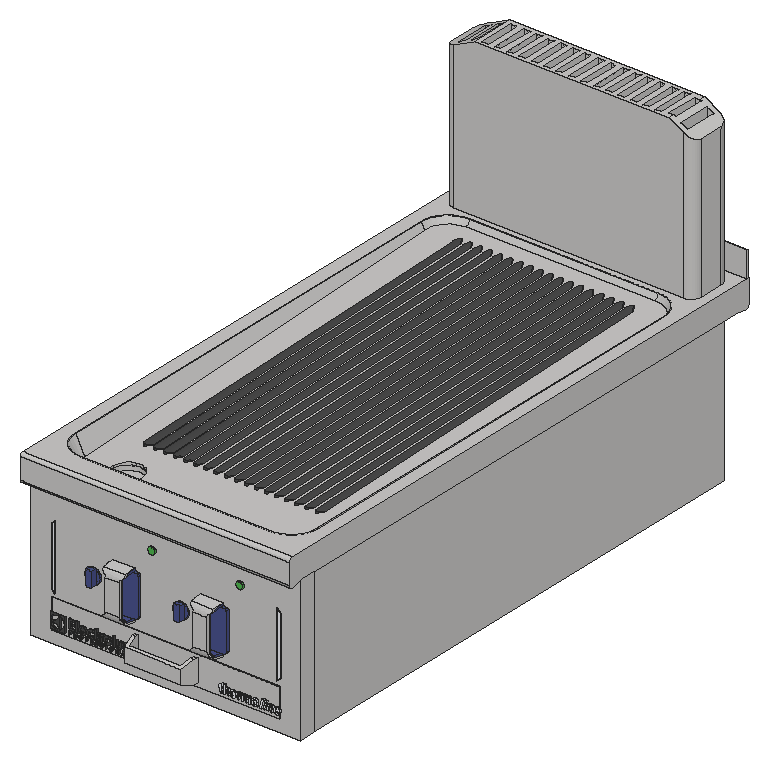
Revit family "QF_ELECTROLUXPROFESSIONAL_588536_MBHNBBDOPO", category Attrezzature speciali, Revit 2020
Family settings
  Quota connettore circolare = Usa diametro
  Tipo di parte = Normale
  Basato su piano di lavoro = No
  Sempre verticale = Sì
  Taglio con vuoti quando caricato = No
  Condiviso = No
  Punto di calcolo locali = No
Parameters (values of type "Standard")
  Weight = 69.00 kg
  Watts = 0 W
  Volts = 0 V
  URL Manufacturer = "https://www.electroluxprofessional.com/"
  URL = "https://www.electroluxprofessional.com/"
  Steam Supply Size = 0"
  Steam Supply Minimum Pressure = 0.00 psi
  Steam Supply Maximum Pressure = 0.00 psi
  Steam Consumption per Hour = 0
  Refrigeration Suction Line Size = 0 mm
  Refrigeration Liquid Line Size = 0 mm
  Refrigerant Compressor Remote = yes
  Prospetto di default = 0 mm
  Phase = 0
  Modello = "MBHNBBDOPO"
  Produttore = "Electrolux Professional"
  Length Actual = 400 mm  # constant formula
  Item Number = "588536"
  Hot Water Size = 0"
  Height Actual = 250 mm  # constant formula
  HP = "0 HP"
  Gas Size = 1/2"
  Gas KW = 10
  Gas Input Pressure = 0.336018 Btu/h
  Direct Waste Size = 0"
  Descrizione = "GAS FRYTOP,RIBBED,1-S,BSPL,400X850X250H"
  Depth Actual = 850 mm  # constant formula
  Cycle = 0 Hz
  Condensate Return Size = 0"
  Compressed Air Volume = 0 GPM
  Compressed Air Size = 0"
  Compressed Air Pressure = 0.00 psi
  Cold Water Size = 0"
  Accessory = yes
Reference planes
  plane 1 "BACK": y = 0
  plane 2: z = 0
  plane 3 "LEFT": x = 0
  plane 4 "RIGHT": x = 400
  plane 5 "FRONT": y = -850
  plane 6 "TOP": z = 900
  plane 7 "Center (Left/Right)": x = 200
  plane 8: y = -425
  plane 9: y = -150
  plane 10: y = -65
  plane 11: y = -813
  plane 12 "GASy": y = -540
  plane 13: z = 938
  plane 14 "BaseTop": z = 650
  plane 15: y = -805
  plane 16 "Camino": y = -50
  plane 17 "GASx": x = 364
  plane 18: z = 1131
  plane 19 "PlaneRibbed": through (-6096, -91.999, 891.12) normal (0, -0.0269, 0.9996)
Forms (mm)
  Extrusion 1, solid, material "QF_Finishes_Stainless Steel"
    sketch origin (-178.969, -4572, 100) x (-1, 0, 0) y (0, -1, 0)
      loop
        line (-178.969, -4527) -> (-178.969, -3767) -> (-578.969, -3767) -> (-578.969, -4527) -> (-178.969, -4527)
    from 550 to 762.969
  Extrusion 2, solid, material "QF_Finishes_Stainless Steel"
    sketch origin (200, 296.4, 1219.2) x (0, 1, 0) y (0, 0, 1)
      loop
        line (-296.4, -319.2) -> (-1141.4, -319.2)
        arc (-1141.4, -319.2) -> (-1144.935, -320.664) -> (-1146.4, -324.2) r 5
        line (-1146.4, -324.2) -> (-1146.4, -355.2)
        arc (-1146.4, -355.2) -> (-1144.971, -358.264) -> (-1141.705, -359.139) r 4
        line (-1141.705, -359.139) -> (-1126.4, -356.231) -> (-316.4, -356.231) -> (-301.094, -359.139)
        arc (-301.094, -359.139) -> (-297.829, -358.264) -> (-296.4, -355.2) r 4
        line (-296.4, -355.2) -> (-296.4, -319.2)
    from -200 to 200
  Extrusion 3, void
    sketch origin (0, 0, 900) x (-1, 0, 0) y (0, -1, 0)
      loop
        arc (-60, 92) -> (-31.716, 103.716) -> (-20, 132) r 40
        line (-20, 132) -> (-20, 773)
        arc (-20, 773) -> (-31.716, 801.284) -> (-60, 813) r 40
        line (-60, 813) -> (-340, 813)
        arc (-340, 813) -> (-368.284, 801.284) -> (-380, 773) r 40
        line (-380, 773) -> (-380, 132)
        arc (-380, 132) -> (-368.284, 103.716) -> (-340, 92) r 40
        line (-340, 92) -> (-60, 92)
    from 0 to -30
  Extrusion 4, solid, material "QF_Finishes_Stainless Steel"
    sketch origin (200, 296.4, 1219.2) x (0, 1, 0) y (0, 0, 1)
      loop
        line (-296.4, -319.2) -> (-296.4, -281.2) -> (-298.4, -281.2) -> (-298.4, -319.2) -> (-296.4, -319.2)
    from 200 to -200
  Extrusion 5, solid, material "QF_Finishes_Stainless Steel"
    sketch origin (0, 0, 650) x (-1, 0, 0) y (0, -1, 0)
      loop
        circle (-364, 540) r 10.1
    from 0 to -10
  Sweep 6, solid, material "QF_Finishes_Stainless Steel"
    path origin (0, 0, 900) x (-1, 0, 0) y (0, -1, 0)
      loop
        line (-20, 132) -> (-20, 773)
        arc (-20, 773) -> (-31.716, 801.284) -> (-60, 813) r 40
        line (-60, 813) -> (-340, 813)
        arc (-340, 813) -> (-368.284, 801.284) -> (-380, 773) r 40
        line (-380, 773) -> (-380, 132)
        arc (-380, 132) -> (-368.284, 103.716) -> (-340, 92) r 40
        line (-340, 92) -> (-60, 92)
        arc (-60, 92) -> (-31.716, 103.716) -> (-20, 132) r 40
    profile origin (20, -452.5, 900) x (1, 0, 0) y (0, 0, 1)
      loop
        line (0, 0) -> (0, -30) -> (15, -30) -> (0, 0)
  Extrusion 7, solid, material "QF_Finishes_Stainless Steel"
    sketch origin (0, -50, 900) x (1, 0, 0) y (0, 0, 1)
      loop
        line (15, 0) -> (385, 0) -> (385, 209.869) -> (348.685, 231) -> (60.315, 231) -> (15, 209.869) -> (15, 0)
    from 33 to -33
  Extrusion 8, void
    sketch origin (0, 0, 900) x (-1, 0, 0) y (0, -1, 0)
      loop
        line (-30.312, 74) -> (-40.312, 74) -> (-40.312, 26) -> (-30.312, 26) -> (-30.312, 74)
      loop
        line (-48.547, 74) -> (-58.547, 74) -> (-58.547, 26) -> (-48.547, 26) -> (-48.547, 74)
      loop
        line (-76.781, 77) -> (-76.781, 23) -> (-66.781, 23) -> (-66.781, 77) -> (-76.781, 77)
      loop
        line (-95.015, 77) -> (-95.015, 23) -> (-85.015, 23) -> (-85.015, 77) -> (-95.015, 77)
      loop
        line (-113.25, 77) -> (-113.25, 23) -> (-103.25, 23) -> (-103.25, 77) -> (-113.25, 77)
      loop
        line (-131.484, 77) -> (-131.484, 23) -> (-121.484, 23) -> (-121.484, 77) -> (-131.484, 77)
      loop
        line (-149.719, 77) -> (-149.719, 23) -> (-139.719, 23) -> (-139.719, 77) -> (-149.719, 77)
      loop
        line (-167.953, 77) -> (-167.953, 23) -> (-157.953, 23) -> (-157.953, 77) -> (-167.953, 77)
      loop
        line (-186.187, 77) -> (-186.187, 23) -> (-176.187, 23) -> (-176.187, 77) -> (-186.187, 77)
      loop
        line (-205, 77) -> (-205, 23) -> (-195, 23) -> (-195, 77) -> (-205, 77)
      loop
        arc (-15, 32) -> (-19.393, 21.393) -> (-30, 17) r 15
        line (-30, 17) -> (-15, 17) -> (-15, 32)
      loop
        arc (-30, 83) -> (-19.393, 78.607) -> (-15, 68) r 15
        line (-15, 68) -> (-15, 83) -> (-30, 83)
      loop
        line (-369.688, 74) -> (-369.688, 26) -> (-359.688, 26) -> (-359.688, 74) -> (-369.688, 74)
      loop
        line (-351.453, 74) -> (-351.453, 26) -> (-341.453, 26) -> (-341.453, 74) -> (-351.453, 74)
      loop
        line (-323.219, 77) -> (-333.219, 77) -> (-333.219, 23) -> (-323.219, 23) -> (-323.219, 77)
      loop
        line (-304.985, 77) -> (-314.985, 77) -> (-314.985, 23) -> (-304.985, 23) -> (-304.985, 77)
      loop
        line (-286.75, 77) -> (-296.75, 77) -> (-296.75, 23) -> (-286.75, 23) -> (-286.75, 77)
      loop
        line (-268.516, 77) -> (-278.516, 77) -> (-278.516, 23) -> (-268.516, 23) -> (-268.516, 77)
      loop
        line (-250.281, 77) -> (-260.281, 77) -> (-260.281, 23) -> (-250.281, 23) -> (-250.281, 77)
      loop
        line (-232.047, 77) -> (-242.047, 77) -> (-242.047, 23) -> (-232.047, 23) -> (-232.047, 77)
      loop
        line (-213.813, 77) -> (-223.813, 77) -> (-223.813, 23) -> (-213.813, 23) -> (-213.813, 77)
      loop
        line (-385, 32) -> (-385, 17) -> (-370, 17)
        arc (-370, 17) -> (-380.607, 21.393) -> (-385, 32) r 15
      loop
        line (-370, 83) -> (-385, 83) -> (-385, 68)
        arc (-385, 68) -> (-380.607, 78.607) -> (-370, 83) r 15
    from 0 to 250
  Extrusion 9, solid, material "QF_Finishes_Stainless Steel"
    sketch origin (200, 296.4, 1219.2) x (0, 1, 0) y (0, 0, 1)
      loop
        line (-388.4, -349.2) -> (-388.4, -328.08) -> (-1109.4, -347.499) -> (-1109.4, -349.2) -> (-388.4, -349.2)
    from 180 to -180
  Extrusion 10, void
    sketch origin (0, 0, 900) x (-1, 0, 0) y (0, -1, 0)
      loop
        circle (-95, 769) r 22.248
    from -19.96 to -30
  Extrusion 11, void
    sketch origin (0, 0, 900) x (-1, 0, 0) y (0, -1, 0)
      loop
        circle (-95, 769) r 22.248
    from 0 to -37.031
Cuts and joins
  Extrusion 3, Extrusion 8, Extrusion 11 cuts Extrusion 2
  Extrusion 8 cuts Extrusion 7
  Extrusion 10 cuts Extrusion 9
  joined: Sweep 6, Extrusion 9
Lines and regions (mm)
  symbolic lines
    curve 1: line (0, 0, 100) -> (400, 0, 100)
    curve 2: line (0, -850, 100) -> (0, 0, 100)
    curve 3: line (400, -850, 100) -> (0, -850, 100)
    curve 4: line (400, 0, 100) -> (400, -850, 100)
    curve 5: line (0, -2, 0) -> (400, -2, 0)
    curve 6: line (338.029, -92, 0) -> (60.29, -92, 0)
    curve 7: line (60.29, -813, 0) -> (338.029, -813, 0)
    curve 8: line (60, -107, 900) -> (340, -107, 900)
    curve 9: line (340, -798, 900) -> (60, -798, 900)
    curve 10: arc (365, -773, 900) -> (357.678, -790.678, 900) -> (340, -798, 900) r 25
    curve 11: line (365, -132, 900) -> (365, -773, 900)
    curve 12: arc (340, -107, 900) -> (357.678, -114.322, 900) -> (365, -132, 900) r 25
    curve 13: circle (95, -769, 900) r 22.248 normal (0, 0, 1)
    curve 14: arc (85.5, -112.483, 900) -> (57.314, -124.096, 900) -> (45.5, -152.198, 900) r 39.994
    curve 15: line (85.5, -112.482, 900) -> (314.5, -112.482, 900)
    curve 16: line (45.5, -677.082, 900) -> (45.5, -152.198, 900)
    curve 17: arc (45.5, -677.082, 900) -> (57.314, -705.184, 900) -> (85.5, -716.797, 900) r 39.994
    curve 18: line (313.507, -716.798, 900) -> (85.5, -716.798, 900)
    curve 19: line (35.29, -731.526, 900) -> (365, -731.526, 900)
    curve 20: line (35.29, -741.526, 900) -> (365, -741.526, 900)
    curve 21: arc (60, -92, 900) -> (31.716, -103.716, 900) -> (20, -132, 900) r 40
    curve 22: line (20, -132, 900) -> (20, -773, 900)
    curve 23: arc (20, -773, 900) -> (31.716, -801.284, 900) -> (60, -813, 900) r 40
    curve 24: arc (340, -813, 900) -> (368.284, -801.284, 900) -> (380, -773, 900) r 40
    curve 25: line (380, -773, 900) -> (380, -132, 900)
    curve 26: arc (380, -132, 900) -> (368.284, -103.716, 900) -> (340, -92, 900) r 40
    curve 27: arc (313.5, -112.483, 900) -> (341.686, -124.096, 900) -> (353.5, -152.198, 900) r 39.994
    curve 28: line (353.5, -677.082, 900) -> (353.5, -152.198, 900)
    curve 29: arc (353.5, -677.082, 900) -> (341.688, -705.181, 900) -> (313.507, -716.797, 900) r 39.994
    curve 30: arc (60, -798, 900) -> (42.322, -790.678, 900) -> (35, -773, 900) r 25
    curve 31: line (35, -773, 900) -> (35, -132, 900)
    curve 32: arc (35, -132, 900) -> (42.322, -114.322, 900) -> (60, -107, 900) r 25
    curve 33: line (370, -17, 650) -> (30.102, -17, 650)
    curve 34: line (30.312, -74.008, 650) -> (40.312, -74.008, 650)
    curve 35: line (48.547, -74.008, 650) -> (58.547, -74.008, 650)
    curve 36: line (48.547, -26.022, 650) -> (48.547, -74.008, 650)
    curve 37: line (58.547, -26.022, 650) -> (48.547, -26.022, 650)
    curve 38: line (58.547, -74.008, 650) -> (58.547, -26.022, 650)
    curve 39: line (66.781, -23, 650) -> (66.781, -77.008, 650)
    curve 40: line (66.781, -23, 650) -> (76.781, -23, 650)
    curve 41: line (76.781, -23, 650) -> (76.781, -77.008, 650)
    curve 42: line (76.781, -77.008, 650) -> (66.781, -77.008, 650)
    curve 43: line (85.015, -23, 650) -> (85.015, -77.008, 650)
    curve 44: line (85.015, -23, 650) -> (95.015, -23, 650)
    curve 45: line (95.015, -23, 650) -> (95.015, -77.008, 650)
    curve 46: line (95.015, -77.008, 650) -> (85.015, -77.008, 650)
    curve 47: line (103.25, -23, 650) -> (103.25, -77.008, 650)
    curve 48: line (103.25, -23, 650) -> (113.25, -23, 650)
    curve 49: line (113.25, -23, 650) -> (113.25, -77.008, 650)
    curve 50: line (113.25, -77.008, 650) -> (103.25, -77.008, 650)
    curve 51: line (121.484, -23, 650) -> (121.484, -77.008, 650)
    curve 52: line (121.484, -23, 650) -> (131.484, -23, 650)
    curve 53: line (131.484, -23, 650) -> (131.484, -77.008, 650)
    curve 54: line (131.484, -77.008, 650) -> (121.484, -77.008, 650)
    curve 55: line (139.719, -23, 650) -> (139.719, -77.008, 650)
    curve 56: line (139.719, -23, 650) -> (149.719, -23, 650)
    curve 57: line (149.719, -23, 650) -> (149.719, -77.008, 650)
    curve 58: line (149.719, -77.008, 650) -> (139.719, -77.008, 650)
    curve 59: line (157.953, -23, 650) -> (157.953, -77.008, 650)
    curve 60: line (157.953, -23, 650) -> (167.953, -23, 650)
    curve 61: line (167.953, -23, 650) -> (167.953, -77.008, 650)
    curve 62: line (167.953, -77.008, 650) -> (157.953, -77.008, 650)
    curve 63: line (176.187, -23, 650) -> (176.187, -77.008, 650)
    curve 64: line (176.187, -23, 650) -> (186.187, -23, 650)
    curve 65: line (186.187, -23, 650) -> (186.187, -77.008, 650)
    curve 66: line (186.187, -77.008, 650) -> (176.187, -77.008, 650)
    curve 67: line (195, -23, 650) -> (195, -77.008, 650)
    curve 68: line (195, -23, 650) -> (205, -23, 650)
    curve 69: line (205, -23, 650) -> (205, -77.008, 650)
    curve 70: line (205, -77.008, 650) -> (195, -77.008, 650)
    curve 71: arc (15, -32, 900) -> (19.393, -21.393, 900) -> (30, -17, 900) r 15
    curve 72: line (15, -32, 900) -> (15, -68, 900)
    curve 73: arc (30, -83, 900) -> (19.393, -78.607, 900) -> (15, -68, 900) r 15
    curve 74: line (30, -83, 900) -> (370, -83, 900)
    curve 75: arc (385, -68, 900) -> (380.607, -78.607, 900) -> (370, -83, 900) r 15
    curve 76: line (385, -68, 900) -> (385, -32, 900)
    curve 77: arc (370, -17, 900) -> (380.607, -21.393, 900) -> (385, -32, 900) r 15
    curve 78: line (30.312, -26.022, 650) -> (30.312, -74.008, 650)
    curve 79: line (40.312, -26.022, 650) -> (30.312, -26.022, 650)
    curve 80: line (40.312, -74.008, 650) -> (40.312, -26.022, 650)
    curve 81: line (369.688, -74.008, 650) -> (359.688, -74.008, 650)
    curve 82: line (351.453, -74.008, 650) -> (341.453, -74.008, 650)
    curve 83: line (351.453, -26.022, 650) -> (351.453, -74.008, 650)
    curve 84: line (341.453, -26.022, 650) -> (351.453, -26.022, 650)
    curve 85: line (341.453, -74.008, 650) -> (341.453, -26.022, 650)
    curve 86: line (333.219, -23, 650) -> (333.219, -77.008, 650)
    curve 87: line (333.219, -23, 650) -> (323.219, -23, 650)
    curve 88: line (323.219, -23, 650) -> (323.219, -77.008, 650)
    curve 89: line (323.219, -77.008, 650) -> (333.219, -77.008, 650)
    curve 90: line (314.985, -23, 650) -> (314.985, -77.008, 650)
    curve 91: line (314.985, -23, 650) -> (304.985, -23, 650)
    curve 92: line (304.985, -23, 650) -> (304.985, -77.008, 650)
    curve 93: line (304.985, -77.008, 650) -> (314.985, -77.008, 650)
    curve 94: line (296.75, -23, 650) -> (296.75, -77.008, 650)
    curve 95: line (296.75, -23, 650) -> (286.75, -23, 650)
    curve 96: line (286.75, -23, 650) -> (286.75, -77.008, 650)
    curve 97: line (286.75, -77.008, 650) -> (296.75, -77.008, 650)
    curve 98: line (278.516, -23, 650) -> (278.516, -77.008, 650)
    curve 99: line (278.516, -23, 650) -> (268.516, -23, 650)
    curve 100: line (268.516, -23, 650) -> (268.516, -77.008, 650)
    curve 101: line (268.516, -77.008, 650) -> (278.516, -77.008, 650)
    curve 102: line (260.281, -23, 650) -> (260.281, -77.008, 650)
    curve 103: line (260.281, -23, 650) -> (250.281, -23, 650)
    curve 104: line (250.281, -23, 650) -> (250.281, -77.008, 650)
    curve 105: line (250.281, -77.008, 650) -> (260.281, -77.008, 650)
    curve 106: line (242.047, -23, 650) -> (242.047, -77.008, 650)
    curve 107: line (242.047, -23, 650) -> (232.047, -23, 650)
    curve 108: line (232.047, -23, 650) -> (232.047, -77.008, 650)
    curve 109: line (232.047, -77.008, 650) -> (242.047, -77.008, 650)
    curve 110: line (223.813, -23, 650) -> (223.813, -77.008, 650)
    curve 111: line (223.813, -23, 650) -> (213.813, -23, 650)
    curve 112: line (213.813, -23, 650) -> (213.813, -77.008, 650)
    curve 113: line (213.813, -77.008, 650) -> (223.813, -77.008, 650)
    curve 114: line (369.688, -26.022, 650) -> (369.688, -74.008, 650)
    curve 115: line (359.688, -26.022, 650) -> (369.688, -26.022, 650)
    curve 116: line (359.688, -74.008, 650) -> (359.688, -26.022, 650)
Dimensions and locks
  plane 3 "LEFT" to plane 4 "RIGHT" = 400 mm
  locked: plane 5 "FRONT" to plane 1 "BACK" at 850
  plane 3 "LEFT" to plane 7 "Center (Left/Right)" to plane 4 "RIGHT" = 200 mm, 200 mm
  equal spacing: plane 5 "FRONT", plane 8, plane 1 "BACK"
  plane 6 "TOP" to level = 900 mm  (x2)
  plane 1 "BACK" to plane 9 = 150 mm
  plane 12 "GASy" to plane 1 "BACK" = 540 mm
  plane 13 to plane 6 "TOP" = 38 mm
  plane 10 to plane 1 "BACK" = 65 mm
  plane 5 "FRONT" to plane 11 = 37 mm
  locked: plane 6 "TOP" to plane 14 "BaseTop" at 250
  locked: plane 15 to plane 5 "FRONT" at 45
  plane 16 "Camino" to plane 1 "BACK" = 50 mm
  plane 17 "GASx" to plane 4 "RIGHT" = 36 mm
  plane 18 to plane 6 "TOP" = 231 mm
  aligned and locked: level to plane 2
  aligned and locked: cut or joined group of Extrusion 2, Extrusion 3, Extrusion 8, Extrusion 11 to plane 3 "LEFT"
  aligned and locked: cut or joined group of Extrusion 2, Extrusion 3, Extrusion 8, Extrusion 11 to plane 4 "RIGHT"
  aligned and locked: nested 1 to plane 15
  aligned and locked: Extrusion 1 to plane 15
  aligned and locked: Extrusion 4 to plane 3 "LEFT"
  aligned and locked: Extrusion 4 to plane 4 "RIGHT"
  aligned and locked: plane 3 "LEFT" to nested 1
Automatic sketch dimensions
  curve 5 to plane 3 "LEFT" = 0 mm
  plane 11 to curve 7 = 0 mm
  curve 5 to plane 4 "RIGHT" = 0 mm
  plane 10 to curve 6 = 27 mm
  plane 3 "LEFT" to curve 6 = 60.29 mm
  plane 3 "LEFT" to curve 7 = 60.29 mm
  curve 6 to plane 17 "GASx" = 25.971 mm
  curve 7 to plane 17 "GASx" = 25.971 mm
  plane 1 "BACK" to curve 5 = 2 mm
  Extrusion 1 sketch curve to plane 4 "RIGHT" = 0 mm
  Extrusion 1 sketch curve to plane 3 "LEFT" = 0 mm
  Extrusion 1 sketch curve to plane 15 = 0 mm
  Extrusion 1 sketch curve to plane 16 "Camino" = 5 mm
  plane 1 "BACK" to curve 1 = 0 mm
  curve 1 to plane 4 "RIGHT" = 0 mm
  curve 3 to plane 3 "LEFT" = 0 mm
  plane 5 "FRONT" to curve 3 = 0 mm
  Extrusion 2 sketch curve to plane 5 "FRONT" = 0 mm
  Extrusion 2 sketch curve to plane 6 "TOP" = 0 mm
  Extrusion 2 sketch curve to plane 1 "BACK" = 0 mm
  Extrusion 2 sketch curve to Extrusion 2 sketch curve = 4 mm
  Extrusion 2 sketch curve to Extrusion 2 sketch curve = 0.695 mm
  Extrusion 2 sketch curve to plane 5 "FRONT" = 5 mm
  Extrusion 2 sketch curve to Extrusion 2 sketch curve = 15.305 mm
  plane 1 "BACK" to Extrusion 2 sketch curve = 20 mm
  plane 1 "BACK" to Extrusion 2 sketch curve = 4.695 mm
  plane 1 "BACK" to Extrusion 2 sketch curve = 4 mm
  Extrusion 2 sketch curve to Extrusion 2 sketch curve = 31 mm
  Extrusion 2 sketch curve to Extrusion 2 sketch curve = 36 mm
  Extrusion 2 sketch curve to Extrusion 2 sketch curve = 2.909 mm
  plane 11 to Extrusion 3 sketch curve = 0 mm
  plane 17 "GASx" to Extrusion 3 sketch curve = 16 mm
  Extrusion 3 sketch curve to plane 17 "GASx" = 24 mm  (x2)
  plane 3 "LEFT" to Extrusion 3 sketch curve = 60 mm  (x2)
  plane 9 to Extrusion 3 sketch curve = 18 mm
  plane 3 "LEFT" to Extrusion 3 sketch curve = 20 mm
  curve 10 to curve 24 = 0 mm  (x2)
  curve 12 to curve 26 = 0 mm  (x2)
  curve 21 to curve 32 = 0 mm  (x2)
  curve 23 to curve 30 = 0 mm  (x2)
  plane 11 to curve 24 = 0 mm
  plane 11 to curve 23 = 0 mm
  plane 4 "RIGHT" to curve 76 = 15 mm
  plane 17 "GASx" to curve 25 = 16 mm
  plane 17 "GASx" to curve 77 = 6 mm
  plane 10 to curve 75 = 3 mm
  plane 17 "GASx" to curve 75 = 6 mm
  plane 17 "GASx" to curve 11 = 1 mm
  curve 28 to plane 9 = 2.198 mm
  curve 28 to plane 17 "GASx" = 10.5 mm
  curve 10 to plane 17 "GASx" = 24 mm
  plane 9 to curve 26 = 18 mm
  curve 26 to plane 17 "GASx" = 24 mm
  curve 28 to curve 29 = 39.993 mm
  curve 27 to plane 9 = 2.477 mm
  curve 12 to curve 27 = 26.493 mm
  curve 13 to plane 11 = 44 mm
  plane 3 "LEFT" to curve 13 = 95 mm
  curve 14 to plane 9 = 2.477 mm
  plane 3 "LEFT" to curve 14 = 85.493 mm
  curve 17 to plane 12 "GASy" = 136.803 mm
  plane 3 "LEFT" to curve 17 = 85.493 mm
  curve 14 to curve 21 = 25.493 mm
  curve 13 to curve 23 = 35 mm
  curve 17 to curve 16 = 39.993 mm
  plane 9 to curve 31 = 18 mm
  plane 10 to curve 73 = 3 mm
  plane 3 "LEFT" to curve 73 = 30 mm
  curve 71 to curve 72 = 15 mm
  curve 71 to plane 16 "Camino" = 18 mm
  curve 76 to plane 16 "Camino" = 18 mm
  curve 16 to plane 9 = 2.198 mm
  curve 29 to plane 12 "GASy" = 136.803 mm
  curve 16 to plane 12 "GASy" = 137.082 mm
  curve 28 to plane 12 "GASy" = 137.082 mm
  curve 8 to curve 15 = 25.5 mm
  curve 18 to curve 29 = 0 mm
  curve 15 to curve 27 = 1 mm
  curve 18 to curve 17 = 0.007 mm
  curve 15 to curve 32 = 25.5 mm
  curve 15 to curve 14 = 0 mm
  curve 18 to curve 17 = 0 mm
  plane 3 "LEFT" to curve 19 = 35.29 mm
  curve 20 to curve 19 = 0 mm
  curve 15 to curve 27 = 0.001 mm
  curve 29 to curve 18 = 0.001 mm
  curve 19 to curve 30 = 41.474 mm
  curve 19 to curve 20 = 10 mm
  Extrusion 4 sketch curve to plane 6 "TOP" = 0 mm
  Extrusion 4 sketch curve to plane 13 = 0 mm
  Extrusion 4 sketch curve to plane 1 "BACK" = 0 mm
  Extrusion 4 sketch curve to Extrusion 4 sketch curve = 2 mm
  Extrusion 5 sketch curve to plane 12 "GASy" = 0 mm
  Extrusion 5 sketch curve to plane 17 "GASx" = 0 mm
  plane 11 to Sweep 6 sketch curve = 0 mm
  plane 17 "GASx" to Sweep 6 sketch curve = 16 mm
  Sweep 6 sketch curve to plane 17 "GASx" = 24 mm  (x2)
  plane 3 "LEFT" to Sweep 6 sketch curve = 60 mm  (x2)
  plane 10 to Sweep 6 sketch curve = 27 mm
  plane 3 "LEFT" to Sweep 6 sketch curve = 20 mm
  profile plane to Sweep 6 sketch curve = 0 mm
  Sweep 6 sketch curve to plane 6 "TOP" = 0 mm
  Sweep 6 sketch curve to profile plane = 15 mm
  Sweep 6 sketch curve to plane 6 "TOP" = 30 mm
  Extrusion 7 sketch curve to plane 6 "TOP" = 0 mm
  Extrusion 7 sketch curve to plane 18 = 0 mm
  plane 3 "LEFT" to Extrusion 7 sketch curve = 15 mm
  Extrusion 7 sketch curve to Extrusion 7 sketch curve = 45.315 mm
  Extrusion 7 sketch curve to plane 17 "GASx" = 15.315 mm
  plane 4 "RIGHT" to Extrusion 7 sketch curve = 15 mm
  Extrusion 7 sketch curve to plane 18 = 21.131 mm  (x2)
  plane 17 "GASx" to curve 115 = 5.688 mm
  curve 81 to plane 17 "GASx" = 4.312 mm
  curve 115 to curve 84 = 8.234 mm
  curve 83 to curve 84 = 10 mm
  curve 84 to curve 86 = 8.234 mm
  curve 86 to curve 88 = 10 mm
  curve 88 to curve 90 = 8.234 mm
  curve 90 to curve 92 = 10 mm
  curve 92 to curve 94 = 8.234 mm
  curve 94 to curve 95 = 10 mm
  curve 96 to curve 98 = 8.234 mm
  curve 98 to curve 100 = 10 mm
  curve 99 to curve 102 = 8.234 mm
  curve 102 to curve 104 = 10 mm
  curve 104 to curve 106 = 8.234 mm
  curve 106 to curve 108 = 10 mm
  curve 108 to curve 110 = 8.234 mm
  curve 110 to curve 112 = 10 mm
  plane 7 "Center (Left/Right)" to curve 70 = 5 mm
  curve 67 to plane 7 "Center (Left/Right)" = 5 mm
  curve 67 to curve 65 = 8.813 mm
  curve 64 to curve 63 = 10 mm
  curve 63 to curve 62 = 8.234 mm
  curve 61 to curve 62 = 10 mm
  curve 59 to curve 57 = 8.234 mm
  curve 57 to curve 58 = 10 mm
  curve 55 to curve 52 = 8.234 mm
  curve 52 to curve 51 = 10 mm
  curve 51 to curve 49 = 8.234 mm
  curve 48 to curve 48 = 10 mm
  curve 47 to curve 45 = 8.234 mm
  curve 45 to curve 46 = 10 mm
  curve 43 to curve 41 = 8.234 mm
  curve 41 to curve 42 = 10 mm
  curve 39 to curve 38 = 8.234 mm
  curve 35 to curve 36 = 10 mm
  curve 36 to curve 79 = 8.234 mm
  curve 79 to curve 78 = 10 mm
  plane 1 "BACK" to curve 68 = 23 mm
  curve 68 to curve 112 = 0 mm
  curve 65 to curve 67 = 0 mm  (x2)
  plane 1 "BACK" to curve 86 = 23 mm
  plane 1 "BACK" to curve 39 = 23 mm
  curve 110 to curve 108 = 0 mm  (x2)
  curve 40 to curve 43 = 0 mm
  curve 106 to curve 104 = 0 mm  (x2)
  curve 44 to curve 47 = 0 mm
  curve 102 to curve 100 = 0 mm  (x2)
  curve 48 to curve 51 = 0 mm
  curve 98 to curve 96 = 0 mm  (x2)
  curve 52 to curve 55 = 0 mm
  curve 94 to curve 92 = 0 mm  (x2)
  curve 56 to curve 59 = 0 mm
  curve 39 to curve 37 = 3.022 mm
  curve 86 to curve 85 = 3.022 mm
  curve 83 to curve 114 = 0 mm
  curve 80 to curve 36 = 0 mm
  plane 10 to curve 78 = 9.008 mm
  plane 10 to curve 81 = 9.008 mm
  curve 82 to curve 81 = 0 mm
  curve 34 to curve 35 = 0 mm
  plane 10 to curve 62 = 12.008 mm
  plane 10 to curve 88 = 12.008 mm
  curve 90 to curve 88 = 0 mm
  plane 10 to curve 58 = 12.008 mm
  plane 10 to curve 54 = 12.008 mm
  plane 10 to curve 50 = 12.008 mm
  plane 10 to curve 46 = 12.008 mm
  curve 35 to curve 42 = 3 mm
  curve 61 to curve 63 = 0 mm
  plane 17 "GASx" to curve 33 = 6 mm
  curve 78 to curve 33 = 0.21 mm
  curve 33 to curve 114 = 9.022 mm
  plane 4 "RIGHT" to Extrusion 8 sketch curve = 15 mm  (x2)
  plane 10 to Extrusion 8 sketch curve = 3 mm  (x2)
  plane 17 "GASx" to Extrusion 8 sketch curve = 6 mm  (x2)
  plane 17 "GASx" to Extrusion 8 sketch curve = 5.688 mm
  Extrusion 8 sketch curve to plane 17 "GASx" = 4.312 mm
  Extrusion 8 sketch curve to Extrusion 8 sketch curve = 8.234 mm  (x16)
  Extrusion 8 sketch curve to Extrusion 8 sketch curve = 10 mm  (x17)
  plane 7 "Center (Left/Right)" to Extrusion 8 sketch curve = 5 mm
  Extrusion 8 sketch curve to plane 7 "Center (Left/Right)" = 5 mm
  Extrusion 8 sketch curve to Extrusion 8 sketch curve = 8.813 mm
  Extrusion 8 sketch curve to Extrusion 8 sketch curve = 0.312 mm  (x2)
  plane 3 "LEFT" to Extrusion 8 sketch curve = 15 mm  (x2)
  Extrusion 8 sketch curve to plane 16 "Camino" = 18 mm  (x2)
  Extrusion 8 sketch curve to Extrusion 8 sketch curve = 6 mm  (x4)
  Extrusion 8 sketch curve to Extrusion 8 sketch curve = 0 mm  (x21)
  plane 1 "BACK" to Extrusion 8 sketch curve = 23 mm  (x3)
  plane 10 to Extrusion 8 sketch curve = 9 mm
  plane 10 to Extrusion 8 sketch curve = 12 mm  (x8)
  Extrusion 8 sketch curve to Extrusion 8 sketch curve = 3 mm
  Extrusion 10 sketch curve to plane 11 = 44 mm
  plane 3 "LEFT" to Extrusion 10 sketch curve = 95 mm
  Extrusion 11 sketch curve to plane 11 = 44 mm
  plane 3 "LEFT" to Extrusion 11 sketch curve = 95 mm
  Extrusion 9 sketch curve to plane 11 = 0 mm
  plane 10 to Extrusion 9 sketch curve = 27 mm
  Extrusion 9 sketch curve to plane 6 "TOP" = 30 mm
  Extrusion 9 sketch curve to plane 6 "TOP" = 8.88 mm
  Extrusion 9 sketch curve to Extrusion 9 sketch curve = 1.701 mm
  radius of curve 13 = 22.248 mm
  radius of Extrusion 5 sketch curve = 10.1 mm
  radius of Extrusion 10 sketch curve = 22.248 mm
  radius of Extrusion 11 sketch curve = 22.248 mm
Nested families
  nested 1: "Front_Panel_W400_Two Knobs_2Spie_Manop" at (52.376, -805, 0), type "Front_Panel_W400_Two Knobs_2Spie_Manop"
  nested 2: "Rib_D12" at (72.5, -405.988, 882.663) x (1, 0, 0) z (0, -0.0269, 0.9996), type "Rib_D12"
    with Show Clearance yes, Lenght 588 mm
  nested 3: "Rib_D12" at (87.5, -405.988, 882.663) x (1, 0, 0) z (0, -0.0269, 0.9996), type "Rib_D12"
    with Show Clearance yes, Lenght 588 mm
  nested 4: "Rib_D12" at (102.5, -405.988, 882.663) x (1, 0, 0) z (0, -0.0269, 0.9996), type "Rib_D12"
    with Show Clearance yes, Lenght 588 mm
  nested 5: "Rib_D12" at (117.5, -405.988, 882.663) x (1, 0, 0) z (0, -0.0269, 0.9996), type "Rib_D12"
    with Show Clearance yes, Lenght 588 mm
  nested 6: "Rib_D12" at (132.5, -405.988, 882.663) x (1, 0, 0) z (0, -0.0269, 0.9996), type "Rib_D12"
    with Show Clearance yes, Lenght 588 mm
  nested 7: "Rib_D12" at (147.5, -405.988, 882.663) x (1, 0, 0) z (0, -0.0269, 0.9996), type "Rib_D12"
    with Show Clearance yes, Lenght 588 mm
  nested 8: "Rib_D12" at (162.5, -405.988, 882.663) x (1, 0, 0) z (0, -0.0269, 0.9996), type "Rib_D12"
    with Show Clearance yes, Lenght 588 mm
  nested 9: "Rib_D12" at (177.5, -405.988, 882.663) x (1, 0, 0) z (0, -0.0269, 0.9996), type "Rib_D12"
    with Show Clearance yes, Lenght 588 mm
  nested 10: "Rib_D12" at (192.5, -405.988, 882.663) x (1, 0, 0) z (0, -0.0269, 0.9996), type "Rib_D12"
    with Show Clearance yes, Lenght 588 mm
  nested 11: "Rib_D12" at (207.5, -405.988, 882.663) x (1, 0, 0) z (0, -0.0269, 0.9996), type "Rib_D12"
    with Show Clearance yes, Lenght 588 mm
  nested 12: "Rib_D12" at (222.5, -405.988, 882.663) x (1, 0, 0) z (0, -0.0269, 0.9996), type "Rib_D12"
    with Show Clearance yes, Lenght 588 mm
  nested 13: "Rib_D12" at (237.5, -405.988, 882.663) x (1, 0, 0) z (0, -0.0269, 0.9996), type "Rib_D12"
    with Show Clearance yes, Lenght 588 mm
  nested 14: "Rib_D12" at (252.5, -405.988, 882.663) x (1, 0, 0) z (0, -0.0269, 0.9996), type "Rib_D12"
    with Show Clearance yes, Lenght 588 mm
  nested 15: "Rib_D12" at (267.5, -405.988, 882.663) x (1, 0, 0) z (0, -0.0269, 0.9996), type "Rib_D12"
    with Show Clearance yes, Lenght 588 mm
  nested 16: "Rib_D12" at (282.5, -405.988, 882.663) x (1, 0, 0) z (0, -0.0269, 0.9996), type "Rib_D12"
    with Show Clearance yes, Lenght 588 mm
  nested 17: "Rib_D12" at (297.5, -405.988, 882.663) x (1, 0, 0) z (0, -0.0269, 0.9996), type "Rib_D12"
    with Show Clearance yes, Lenght 588 mm
  nested 18: "Rib_D12" at (312.5, -405.988, 882.663) x (1, 0, 0) z (0, -0.0269, 0.9996), type "Rib_D12"
    with Show Clearance yes, Lenght 588 mm
  nested 19: "Rib_D12" at (327.5, -405.988, 882.663) x (1, 0, 0) z (0, -0.0269, 0.9996), type "Rib_D12"
    with Show Clearance yes, Lenght 588 mm
Connectors
  piping at (364, -540, 640), diameter 12.7
    settings: on Extrusion 5, index 1, connector inside diameter 24", connector length 0 mm, flow factor 0, pipe flow 0 GPM, pressure drop 0.00 psi, fitting loss kfactor 0, connector angle 0.00°, fixture units 0, engagement length 0 mm, angle of deflection 0.00°, flow configuration 1, flow direction 1, fitting loss method 0, system type 7, joint type 0, gender type 0, connector reference index -1, connector utility 0, adjustable connector no, is connector primary yes, connector description "Gas connection"
Definition of nested family "Front_Panel_W400_Two Knobs_2Spie_Manop"
  Parameters
    Default Elevation = 0 mm
  Reference planes
    plane 1 "Center (Front/Back)": y = 0
    plane 2: z = 0
    plane 3 "Center (Left/Right)": x = 147.624
    plane 4 "Left": x = -52.376
    plane 5 "Right": x = 347.624
    plane 6: y = -45
    plane 7: x = 107.624
    plane 8: y = -310
    plane 9 "Panel": y = -25
    plane 10: x = 317.624
    plane 11: x = -22.376
  Forms (mm)
    Extrusion 1, solid
      sketch origin (833.217, 829.203, -1.25) x (0, 1, 0) y (0, 0, 1)
        loop
          line (-854.203, 651.25) -> (-829.203, 651.25) -> (-829.203, 864.25) -> (-854.203, 864.25) -> (-854.203, 651.25)
      from -885.593 to -485.593
    Extrusion 2, void
      sketch origin (0, -25, -10) x (0, 0, 1) y (-1, 0, 0)
        loop
          line (731.866, -317.624) -> (818.866, -317.624) -> (823.866, -312.624) -> (726.866, -312.624) -> (731.866, -317.624)
        loop
          line (731.866, 22.376) -> (726.866, 17.376) -> (823.866, 17.376) -> (818.866, 22.376) -> (731.866, 22.376)
      from 0 to -2
    Extrusion 3, void
      sketch origin (0, 0, 0) x (1, 0, 0) y (0, 0, 1)
        loop
          line (-22.376, 711.866) -> (-22.376, 666.866) -> (317.624, 666.866) -> (317.624, 711.866) -> (-22.376, 711.866)
      from 19.387 to 25
    Extrusion 4, solid
      sketch origin (0, 0, 0) x (1, 0, 0) y (0, 0, 1)
        loop
          line (-21.376, 710.866) -> (-21.376, 667.866) -> (316.624, 667.866) -> (316.624, 710.866) -> (-21.376, 710.866)
      from 19.387 to 25
    Extrusion 5, solid
      sketch origin (0, 0, 0) x (1, 0, 0) y (0, 1, 0)
        loop
          line (106.059, -25) -> (100.966, -25) -> (105.646, -49.075) -> (189.603, -49.075) -> (194.283, -25) -> (189.189, -25) -> (185.481, -44.075) -> (109.767, -44.075) -> (106.059, -25)
      from 672.593 to 705.67
    Extrusion 6, void
      sketch origin (147.624, 0, 0) x (0, 1, 0) y (0, 0, 1)
        loop
          line (-30, 705.67) -> (-30, 710.67) -> (-56.744, 710.67) -> (-56.744, 667.593) -> (-30, 667.593) -> (-30, 672.593) -> (-53.776, 680.318) -> (-53.776, 697.945) -> (-30, 705.67)
      from -50 to 50
    Extrusion 7, solid, detail levels coarse
      sketch origin (0, -265, 0) x (1, 0, 0) y (0, 1, 0)
        loop
          line (106.164, -71.744) -> (189.084, -71.744) -> (194.283, -45) -> (316.624, -45) -> (316.624, 240) -> (-21.376, 240) -> (-21.376, -45) -> (100.966, -45) -> (106.164, -71.744)
      from 672.593 to 705.67
    Extrusion 8, void
      sketch origin (147.624, -280, 0) x (0, 1, 0) y (0, 0, 1)
        loop
          line (-30, 705.67) -> (-30, 710.67) -> (-56.744, 710.67) -> (-56.744, 667.593) -> (-30, 667.593) -> (-30, 672.593) -> (-53.776, 680.318) -> (-53.776, 697.945) -> (-30, 705.67)
      from -50 to 50
    Extrusion 9, solid
      sketch origin (160, -25, 1.163) x (0, 0, 1) y (-1, 0, 0)
        loop
          circle (824.337, 32.376) r 5
      from 0 to 1.7
    Extrusion 10, solid
      sketch origin (0, -25, -10) x (0, 0, 1) y (-1, 0, 0)
        loop
          line (726.866, -312.624) -> (731.866, -317.624) -> (818.866, -317.624) -> (823.866, -312.624) -> (726.866, -312.624)
        loop
          line (726.866, 17.376) -> (823.866, 17.376) -> (818.866, 22.376) -> (731.866, 22.376) -> (726.866, 17.376)
      from 0 to -2
    Extrusion 11, solid
      sketch origin (290.724, -25, 1.163) x (0, 0, 1) y (-1, 0, 0)
        loop
          circle (824.337, 32.376) r 5
      from 0 to 1.7
    Extrusion 12, solid
      sketch origin (0, -25, 0) x (0, 0, 1) y (-1, 0, 0)
        loop
          circle (761.979, -41.048) r 11.5
      from 1.492 to 2.716
    Extrusion 13, solid
      sketch origin (0.059, -25, 0.001) x (0, 0, 1) y (-1, 0, 0)
        loop
          circle (761.978, -40.989) r 8.098
      from 0 to 1.492
    Extrusion 14, solid
      sketch origin (0, -25, 0) x (0, 0, 1) y (-1, 0, 0)
        loop
          arc (772.562, -45.548) -> (773.479, -41.048) -> (772.562, -36.548) r 11.5
          line (772.562, -36.548) -> (751.396, -36.548)
          arc (751.396, -36.548) -> (750.479, -41.048) -> (751.396, -45.548) r 11.5
          line (751.396, -45.548) -> (772.562, -45.548)
      from 1.492 to 10
    Extrusion 15, solid
      sketch origin (0, -25, 0) x (0, 0, 1) y (-1, 0, 0)
        loop
          circle (761.979, -171.771) r 11.5
      from 1.492 to 2.716
    Extrusion 16, solid
      sketch origin (130.782, -25, 0.001) x (0, 0, 1) y (-1, 0, 0)
        loop
          circle (761.978, -40.989) r 8.098
      from 0 to 1.492
    Extrusion 17, solid
      sketch origin (0, -25, 0) x (0, 0, 1) y (-1, 0, 0)
        loop
          arc (772.562, -176.271) -> (773.479, -171.771) -> (772.562, -167.271) r 11.5
          line (772.562, -167.271) -> (751.396, -167.271)
          arc (751.396, -167.271) -> (750.479, -171.771) -> (751.396, -176.271) r 11.5
          line (751.396, -176.271) -> (772.562, -176.271)
      from 1.492 to 10
  Cuts and joins
    Extrusion 2, Extrusion 3 cuts Extrusion 1
    Extrusion 6, Extrusion 8 cuts Extrusion 5
    Extrusion 8 cuts Extrusion 7
  Lines and regions (mm)
    symbolic lines
      curve 1: line (31.124, -45, 0) -> (31.124, -310, 0)
      curve 2: line (31.124, -310, 0) -> (269.124, -310, 0)
      curve 3: line (100.966, -310, 0) -> (105.646, -334.075, 0)
      curve 4: line (105.646, -334.075, 0) -> (189.603, -334.075, 0)
      curve 5: line (189.603, -334.075, 0) -> (194.283, -310, 0)
      curve 6: line (269.124, -310, 0) -> (269.124, -45, 0)
      curve 7: line (31.124, -300, 0) -> (269.124, -300, 0)
      curve 8: line (106.059, -310, 0) -> (109.767, -329.075, 0)
      curve 9: line (109.767, -329.075, 0) -> (185.481, -329.075, 0)
      curve 10: line (185.481, -329.075, 0) -> (189.189, -310, 0)
  Dimensions and locks
    equal spacing: plane 5 "Right", plane 3 "Center (Left/Right)", plane 4 "Left"
    plane 5 "Right" to plane 4 "Left" = 400 mm
    plane 3 "Center (Left/Right)" to plane 7 = 40 mm
    plane 6 to plane 8 = 265 mm
    plane 11 to plane 4 "Left" = 30 mm
    plane 5 "Right" to plane 10 = 30 mm
    aligned and locked: cut or joined group of Extrusion 1, Extrusion 2, Extrusion 3 to plane 4 "Left"
    aligned and locked: plane 5 "Right" to cut or joined group of Extrusion 1, Extrusion 2, Extrusion 3
  Automatic sketch dimensions
    plane 6 to curve 1 = 0 mm
    curve 1 to plane 8 = 0 mm
    plane 6 to curve 6 = 0 mm
    plane 11 to curve 1 = 53.5 mm
    curve 3 to plane 7 = 1.979 mm
    plane 7 to curve 8 = 2.143 mm
    plane 3 "Center (Left/Right)" to curve 10 = 37.857 mm
    curve 9 to curve 5 = 4.122 mm
    curve 2 to plane 10 = 48.5 mm
    curve 9 to plane 8 = 19.075 mm
    curve 5 to curve 9 = 5 mm
    curve 3 to plane 7 = 6.658 mm
    curve 8 to plane 7 = 1.565 mm
    curve 9 to curve 10 = 3.708 mm
    curve 10 to curve 5 = 5.094 mm
    plane 8 to curve 7 = 10 mm
    Extrusion 1 sketch curve to plane 9 "Panel" = 0 mm
    Extrusion 1 sketch curve to plane 1 "Center (Front/Back)" = 0 mm
    level to Extrusion 1 sketch curve = 650 mm
    Extrusion 1 sketch curve to Extrusion 1 sketch curve = 213 mm
    Extrusion 2 sketch curve to plane 10 = 0 mm
    Extrusion 2 sketch curve to plane 11 = 0 mm
    plane 11 to Extrusion 2 sketch curve = 5 mm
    level to Extrusion 2 sketch curve = 716.866 mm
    Extrusion 2 sketch curve to plane 10 = 5 mm
    Extrusion 2 sketch curve to Extrusion 2 sketch curve = 0 mm
    Extrusion 2 sketch curve to Extrusion 2 sketch curve = 5 mm  (x4)
    Extrusion 2 sketch curve to Extrusion 2 sketch curve = 87 mm  (x2)
    Extrusion 3 sketch curve to plane 11 = 0 mm
    Extrusion 3 sketch curve to plane 10 = 0 mm
    level to Extrusion 3 sketch curve = 666.866 mm
    Extrusion 3 sketch curve to Extrusion 3 sketch curve = 45 mm
    plane 11 to Extrusion 4 sketch curve = 1 mm
    Extrusion 4 sketch curve to plane 10 = 1 mm
    level to Extrusion 4 sketch curve = 667.866 mm
    Extrusion 4 sketch curve to Extrusion 4 sketch curve = 43 mm
    plane 9 "Panel" to Extrusion 5 sketch curve = 0 mm  (x2)
    Extrusion 5 sketch curve to plane 7 = 6.658 mm
    Extrusion 5 sketch curve to plane 7 = 1.979 mm
    Extrusion 5 sketch curve to plane 7 = 1.565 mm
    Extrusion 5 sketch curve to plane 6 = 0.925 mm
    plane 7 to Extrusion 5 sketch curve = 2.143 mm
    plane 3 "Center (Left/Right)" to Extrusion 5 sketch curve = 37.857 mm
    Extrusion 5 sketch curve to Extrusion 5 sketch curve = 3.708 mm
    Extrusion 5 sketch curve to Extrusion 5 sketch curve = 4.122 mm
    Extrusion 5 sketch curve to Extrusion 5 sketch curve = 5.094 mm
    plane 6 to Extrusion 5 sketch curve = 4.075 mm
    plane 6 to Extrusion 6 sketch curve = 11.744 mm
    plane 6 to Extrusion 6 sketch curve = 8.776 mm
    plane 9 "Panel" to Extrusion 6 sketch curve = 5 mm  (x2)
    level to Extrusion 6 sketch curve = 667.593 mm
    Extrusion 6 sketch curve to Extrusion 6 sketch curve = 5 mm
    Extrusion 6 sketch curve to Extrusion 6 sketch curve = 12.725 mm  (x2)
    Extrusion 6 sketch curve to Extrusion 6 sketch curve = 17.627 mm
    Extrusion 6 sketch curve to Extrusion 6 sketch curve = 7.725 mm
    plane 9 "Panel" to Extrusion 7 sketch curve = 0 mm
    Extrusion 7 sketch curve to plane 8 = 0 mm  (x2)
    plane 11 to Extrusion 7 sketch curve = 1 mm
    Extrusion 7 sketch curve to plane 7 = 6.658 mm
    Extrusion 7 sketch curve to plane 7 = 1.46 mm
    plane 3 "Center (Left/Right)" to Extrusion 7 sketch curve = 41.46 mm
    Extrusion 7 sketch curve to Extrusion 7 sketch curve = 5.199 mm
    Extrusion 7 sketch curve to plane 10 = 1 mm
    Extrusion 7 sketch curve to plane 8 = 26.744 mm
    Extrusion 8 sketch curve to plane 8 = 0 mm  (x2)
    Extrusion 8 sketch curve to plane 8 = 23.776 mm
    Extrusion 8 sketch curve to Extrusion 8 sketch curve = 2.968 mm
    level to Extrusion 8 sketch curve = 667.593 mm
    Extrusion 8 sketch curve to Extrusion 8 sketch curve = 5 mm
    Extrusion 8 sketch curve to Extrusion 8 sketch curve = 12.725 mm  (x2)
    Extrusion 8 sketch curve to Extrusion 8 sketch curve = 17.627 mm
    Extrusion 8 sketch curve to Extrusion 8 sketch curve = 7.725 mm
    Extrusion 9 sketch curve to plane 3 "Center (Left/Right)" = 20 mm
    level to Extrusion 9 sketch curve = 825.5 mm
    Extrusion 10 sketch curve to plane 10 = 0 mm
    Extrusion 10 sketch curve to plane 11 = 0 mm
    Extrusion 10 sketch curve to plane 10 = 5 mm
    level to Extrusion 10 sketch curve = 716.866 mm
    plane 11 to Extrusion 10 sketch curve = 5 mm
    Extrusion 10 sketch curve to Extrusion 10 sketch curve = 0 mm
    Extrusion 10 sketch curve to Extrusion 10 sketch curve = 5 mm  (x4)
    Extrusion 10 sketch curve to Extrusion 10 sketch curve = 87 mm  (x2)
    Extrusion 11 sketch curve to plane 10 = 59.276 mm
    level to Extrusion 11 sketch curve = 825.5 mm
    plane 11 to Extrusion 13 sketch curve = 63.424 mm
    level to Extrusion 13 sketch curve = 761.979 mm
    plane 3 "Center (Left/Right)" to Extrusion 16 sketch curve = 24.147 mm
    level to Extrusion 16 sketch curve = 761.979 mm
    plane 11 to Extrusion 12 sketch curve = 63.424 mm
    level to Extrusion 12 sketch curve = 761.979 mm
    Extrusion 14 sketch curve to Extrusion 14 sketch curve = 0 mm  (x3)
    plane 11 to Extrusion 14 sketch curve = 58.924 mm
    level to Extrusion 14 sketch curve = 751.396 mm
    Extrusion 14 sketch curve to Extrusion 14 sketch curve = 10.583 mm  (x2)
    Extrusion 14 sketch curve to Extrusion 14 sketch curve = 4.5 mm
    plane 3 "Center (Left/Right)" to Extrusion 15 sketch curve = 24.147 mm
    level to Extrusion 15 sketch curve = 761.979 mm
    Extrusion 17 sketch curve to Extrusion 17 sketch curve = 0 mm  (x3)
    plane 3 "Center (Left/Right)" to Extrusion 17 sketch curve = 19.647 mm
    level to Extrusion 17 sketch curve = 751.396 mm
    Extrusion 17 sketch curve to Extrusion 17 sketch curve = 10.583 mm  (x2)
    Extrusion 17 sketch curve to Extrusion 17 sketch curve = 4.5 mm
    radius of Extrusion 9 sketch curve = 5 mm
    radius of Extrusion 11 sketch curve = 5 mm
    radius of Extrusion 13 sketch curve = 8.098 mm
    radius of Extrusion 16 sketch curve = 8.098 mm
    radius of Extrusion 12 sketch curve = 11.5 mm
    radius of Extrusion 15 sketch curve = 11.5 mm
  Nested families
    nested 1: "Range Control Handle" at (87.624, -28.137, -209.113) x (-1, 0, 0) z (0, 0, 1), type "Range Control Handle"
    nested 2: "Range Control Handle" at (217.624, -28.137, -209.113), type "Range Control Handle"
    nested 3: "ELX_ThermaLine_Small" at (269.031, -25, 679.342) x (1, 0, 0) z (0, -1, 0), type "ELX_ThermaLine_Small"
      with Show Logo yes, Material_Logo none
    nested 4: "ELX_Professional_Logo_Small" at (37.11, -25, 681.575) x (1, 0, 0) z (0, -1, 0), type "ELX_Professional_Logo_Small"
      with Show Logo yes, Material_Logo none
  Definition of nested family "Range Control Handle"
    Parameters
      Default Elevation = 0 mm
    Reference planes
      plane 1 "Center (Front/Back)": y = 0
      plane 2: z = 0
      plane 3 "Center (Left/Right)": x = 0
      plane 4: z = 971.092
      plane 5: y = -16.9
    Forms (mm)
      Extrusion 1, solid
        sketch origin (-746.28, 380.497, 208.931) x (-1, 0, 0) y (0, 0, 1)
          loop
            line (-770.101, 786.798) -> (-770.101, 731.649)
            arc (-770.101, 731.649) -> (-769.759, 730.563) -> (-768.855, 729.87) r 1.893
            line (-768.855, 729.87) -> (-763.474, 727.911) -> (-729.81, 727.911) -> (-724.428, 729.87)
            arc (-724.428, 729.87) -> (-723.525, 730.563) -> (-723.183, 731.649) r 1.893
            line (-723.183, 731.649) -> (-723.183, 786.798)
            arc (-723.183, 786.798) -> (-723.529, 787.894) -> (-724.44, 788.593) r 1.91
            line (-724.44, 788.593) -> (-729.683, 790.819) -> (-763.601, 790.819) -> (-768.844, 788.593)
            arc (-768.844, 788.593) -> (-769.755, 787.894) -> (-770.101, 786.798) r 1.91
        from -382.35 to -378.852
      Sweep 2, solid
        path origin (-746.788, 380.496, 208.091) x (0, -1, 0) y (0, 0, 1)
          loop
            line (379.775, 793.281) -> (395.661, 791.048)
            arc (395.661, 791.048) -> (397.781, 787.377) -> (398.517, 783.202) r 12.207
            line (398.517, 783.202) -> (398.517, 737.368)
            arc (398.517, 737.368) -> (397.781, 733.193) -> (395.661, 729.522) r 12.207
            line (395.661, 729.522) -> (379.775, 727.289)
        profile origin (-746.788, -7.222, 1000.256) x (0, -0.139173, 0.990268) y (-1, 0, 0)
          loop
            line (0.782, -763.123) -> (0.782, -730.907) -> (-1.322, -730.907) -> (-1.322, -763.123) -> (0.782, -763.123)
      Sweep 3, solid
        path origin (-746.788, 380.715, 207.832) x (0, -1, 0) y (0, 0, 1)
          loop
            line (380.478, 795.442) -> (397.218, 793.09)
            arc (397.218, 793.09) -> (399.929, 788.473) -> (400.871, 783.202) r 15.207
            line (400.871, 783.202) -> (400.871, 737.584)
            arc (400.871, 737.584) -> (399.914, 732.274) -> (397.164, 727.633) r 15.207
            line (397.164, 727.633) -> (380.601, 725.305)
        profile origin (-746.788, -8.132, 1002.099) x (0, -0.139173, 0.990268) y (-1, 0, 0)
          loop
            line (0.782, -763.123) -> (0.782, -730.907) -> (-1.322, -730.907) -> (-1.322, -763.123) -> (0.782, -763.123)
      Extrusion 4, void
        sketch origin (889.253, 220.666, 207.993) x (1, 0, 0) y (0, 0, 1)
          loop
            line (-943.038, 816.854) -> (-943.038, 703.686) -> (-899.466, 734.196) -> (-899.466, 786.344) -> (-943.038, 816.854)
        from 230.636 to 242.25
      Extrusion 5, void
        sketch origin (-888.8, 220.666, 207.993) x (-1, 0, 0) y (0, 0, -1)
          loop
            line (-943.038, -816.854) -> (-899.466, -786.344) -> (-899.466, -734.196) -> (-943.038, -703.686) -> (-943.038, -816.854)
        from 230.636 to 242.25
      Extrusion 6, solid
        sketch origin (0, 0, 0) x (1, 0, 0) y (0, 0, 1)
          loop
            circle (0, 971.092) r 7.736
        from -3.137 to -1.645
    Cuts and joins
      Extrusion 4, Extrusion 5 cuts Sweep 3
      Extrusion 4, Extrusion 5 cuts Sweep 2
      joined: Extrusion 1, Extrusion 6
    Lines and regions (mm)
      symbolic lines
        curve 1: line (16.334, -16.9, 0) -> (16.334, -19.227, 0)
        curve 2: spline (16.334, -19.227, 0) -> (15.87, -19.385, 0) -> (15.404, -19.536, 0) -> (14.936, -19.678, 0) -> (14.466, -19.813, 0) -> (13.995, -19.94, 0) -> (13.523, -20.059, 0) -> (13.049, -20.171, 0) -> (12.575, -20.274, 0) -> (12.099, -20.37, 0) -> (11.622, -20.458, 0) -> (11.144, -20.537, 0) -> (10.666, -20.609, 0)
        curve 3: line (10.666, -16.9, 0) -> (10.666, -20.938, 0)
        curve 4: line (-10.213, -20.938, 0) -> (10.666, -20.938, 0)
        curve 5: line (-10.213, -20.938, 0) -> (-10.213, -16.9, 0)
        curve 6: spline (-10.213, -20.609, 0) -> (-10.691, -20.537, 0) -> (-11.169, -20.458, 0) -> (-11.646, -20.37, 0) -> (-12.122, -20.274, 0) -> (-12.597, -20.171, 0) -> (-13.07, -20.059, 0) -> (-13.542, -19.94, 0) -> (-14.013, -19.813, 0) -> (-14.483, -19.678, 0) -> (-14.951, -19.536, 0) -> (-15.417, -19.385, 0) -> (-15.881, -19.227, 0)
        curve 7: line (-15.881, -19.227, 0) -> (-15.881, -16.9, 0)
  Definition of nested family "ELX_ThermaLine_Small"
    Parameters
      Show Logo [instance] = yes
      Material_Logo [instance] = none
      Default Elevation = 0 mm
    Reference planes
      plane 1 "Centro (Fronte/Retro)": y = 0
      plane 2: z = 0
      plane 3 "Centro (Sinistra/Destra)": x = 0
    Forms (mm)
      Extrusion 1, solid
        sketch origin (0, 0, 0) x (1, 0, 0) y (0, 1, 0)
          loop
            line (-1219.2, 1219.2) -> (-1219.2, -1219.2) -> (1219.2, -1219.2) -> (1219.2, 1219.2) -> (-1219.2, 1219.2)
        from 0 to -304.8
      Extrusion 2, solid
        sketch origin (0, 0, 0) x (1, 0, 0) y (0, 1, 0)
          loop
            line (-37.494, 1.229) -> (-35.908, 1.229) -> (-35.908, 3.066) -> (-37.494, 3.066) -> (-37.494, 6.221) -> (-39.867, 4.881) -> (-39.867, 3.066) -> (-40.969, 3.066) -> (-40.969, 1.229) -> (-39.867, 1.229) -> (-39.867, -3.407)
            arc (-39.867, -3.407) -> (-38.982, -5.513) -> (-36.751, -6.001) r 2.478
            line (-36.751, -6.001) -> (-35.638, -5.7) -> (-35.9, -3.835) -> (-36.661, -4.039)
            arc (-36.661, -4.039) -> (-37.236, -3.924) -> (-37.494, -3.399) r 0.662
            line (-37.494, -3.399) -> (-37.494, 1.229)
          loop
            line (-34.242, 6.539) -> (-34.242, -5.848) -> (-31.854, -5.848) -> (-31.854, -0.078)
            arc (-31.854, -0.078) -> (-30.939, 1.249) -> (-29.33, 1.367) r 1.866
            arc (-29.33, 1.367) -> (-28.695, 0.768) -> (-28.461, -0.073) r 1.627
            line (-28.461, -0.073) -> (-28.461, -5.848) -> (-26.086, -5.848) -> (-26.064, -0.46)
            arc (-26.064, -0.46) -> (-26.261, 0.932) -> (-26.786, 2.237) r 5.825
            arc (-26.786, 2.237) -> (-29.381, 3.264) -> (-31.854, 1.971) r 3.353
            line (-31.854, 1.971) -> (-31.854, 6.539) -> (-34.242, 6.539)
          loop
            arc (-18.398, -0.598) -> (-18.893, 0.879) -> (-20.326, 1.487) r 1.897
            arc (-20.326, 1.487) -> (-21.461, 0.708) -> (-21.897, -0.598) r 2.164
            line (-21.897, -0.598) -> (-18.398, -0.598)
          loop
            arc (-16.021, -2.044) -> (-16.754, 1.227) -> (-19.444, 3.226) r 4.814
            arc (-19.444, 3.226) -> (-22.137, 2.788) -> (-23.943, 0.743) r 4.054
            arc (-23.943, 0.743) -> (-24.382, -1.249) -> (-24.162, -3.276) r 6.289
            arc (-24.162, -3.276) -> (-23.302, -4.71) -> (-21.958, -5.705) r 4.28
            arc (-21.958, -5.705) -> (-18.558, -5.814) -> (-16.152, -3.409) r 4.28
            line (-16.152, -3.409) -> (-18.5, -2.995)
            arc (-18.5, -2.995) -> (-19.273, -3.994) -> (-20.533, -4.076) r 1.536
            arc (-20.533, -4.076) -> (-21.56, -3.281) -> (-21.958, -2.044) r 2.197
            line (-21.958, -2.044) -> (-16.021, -2.044)
          loop
            line (-14.165, -5.848) -> (-11.819, -5.848) -> (-11.819, -2.138)
            arc (-11.819, -2.138) -> (-11.787, -1.156) -> (-11.637, -0.185) r 8.18
            arc (-11.637, -0.185) -> (-10.644, 0.972) -> (-9.132, 0.776) r 1.603
            line (-9.132, 0.776) -> (-8.419, 2.846)
            arc (-8.419, 2.846) -> (-10.432, 3.118) -> (-11.994, 1.821) r 2.527
            line (-11.994, 1.821) -> (-11.994, 3.094) -> (-14.165, 3.094) -> (-14.165, -5.848)
          loop
            line (-7.579, 3.094) -> (-7.579, -5.848) -> (-5.178, -5.848) -> (-5.178, -0.756)
            arc (-5.178, -0.756) -> (-4.727, 0.679) -> (-3.417, 1.419) r 2.05
            arc (-3.417, 1.419) -> (-2.499, 0.908) -> (-2.155, -0.085) r 1.471
            line (-2.155, -0.085) -> (-2.155, -5.848) -> (0.23, -5.848) -> (0.23, -1.001)
            arc (0.23, -1.001) -> (0.47, 0.127) -> (1.148, 1.061) r 2.775
            arc (1.148, 1.061) -> (2.225, 1.329) -> (3.05, 0.587) r 1.182
            arc (3.05, 0.587) -> (3.199, -0.019) -> (3.214, -0.642) r 2.894
            line (3.214, -0.642) -> (3.214, -5.848) -> (5.601, -5.848) -> (5.601, 0.261)
            arc (5.601, 0.261) -> (4.87, 2.263) -> (2.976, 3.241) r 2.932
            arc (2.976, 3.241) -> (1.284, 2.973) -> (-0.047, 1.896) r 3.309
            arc (-0.047, 1.896) -> (-1.116, 2.865) -> (-2.506, 3.258) r 3.16
            arc (-2.506, 3.258) -> (-4.105, 2.942) -> (-5.376, 1.92) r 3.419
            line (-5.376, 1.92) -> (-5.376, 3.094) -> (-7.579, 3.094)
          loop
            line (7.583, 0.738) -> (9.702, 0.364)
            arc (9.702, 0.364) -> (11.441, 1.492) -> (12.855, -0.023) r 1.613
            line (12.855, -0.023) -> (9.782, -0.789)
            arc (9.782, -0.789) -> (8.559, -1.346) -> (7.617, -2.305) r 3.687
            arc (7.617, -2.305) -> (7.499, -3.681) -> (7.901, -5.003) r 3.651
            arc (7.901, -5.003) -> (9.107, -5.766) -> (10.515, -6.006) r 3.635
            arc (10.515, -6.006) -> (11.898, -5.697) -> (13.067, -4.895) r 3.734
            line (13.067, -4.895) -> (13.376, -5.848) -> (15.75, -5.848) -> (15.212, -4.193) -> (15.212, 0.38)
            arc (15.212, 0.38) -> (14.897, 1.849) -> (13.818, 2.895) r 2.585
            arc (13.818, 2.895) -> (11.792, 3.442) -> (9.719, 3.11) r 5.005
            arc (9.719, 3.11) -> (8.369, 2.178) -> (7.583, 0.738) r 3.54
          loop
            line (19.723, -5.848) -> (22.233, -5.848) -> (24.854, 6.484) -> (22.345, 6.484) -> (19.723, -5.848)
          loop
            line (24.583, -5.848) -> (26.953, -5.848) -> (28.848, 3.066) -> (26.478, 3.066) -> (24.583, -5.848)
          loop
            line (27.204, 6.484) -> (26.741, 4.305) -> (29.111, 4.305) -> (29.575, 6.484) -> (27.204, 6.484)
          loop
            line (29.355, -5.848) -> (31.849, -5.848) -> (33.098, 0.028)
            arc (33.098, 0.028) -> (34.169, 1.306) -> (35.832, 1.422) r 2.132
            arc (35.832, 1.422) -> (36.324, 0.752) -> (36.383, -0.078) r 1.5
            line (36.383, -0.078) -> (35.157, -5.848) -> (37.536, -5.848) -> (38.936, 0.738)
            arc (38.936, 0.738) -> (38.775, 2.091) -> (37.825, 3.066) r 2.118
            arc (37.825, 3.066) -> (35.392, 3.175) -> (33.295, 1.937) r 4.271
            line (33.295, 1.937) -> (33.535, 3.066) -> (31.25, 3.066) -> (29.355, -5.848)
          loop
            line (42.792, -0.64) -> (46.589, -0.64)
            arc (46.589, -0.64) -> (46.639, 0.124) -> (46.327, 0.823) r 1.589
            arc (46.327, 0.823) -> (45.117, 1.521) -> (43.762, 1.183) r 1.865
            arc (43.762, 1.183) -> (43.141, 0.344) -> (42.792, -0.64) r 3.538
          loop
            line (42.565, -2.138) -> (48.593, -2.138)
            arc (48.593, -2.138) -> (48.58, 0.597) -> (46.983, 2.818) r 4.494
            arc (46.983, 2.818) -> (44.191, 3.28) -> (41.725, 1.891) r 4.26
            arc (41.725, 1.891) -> (40.503, -0.3) -> (40.284, -2.799) r 6.003
            arc (40.284, -2.799) -> (40.959, -4.468) -> (42.377, -5.576) r 3.482
            arc (42.377, -5.576) -> (44.265, -5.961) -> (46.152, -5.576) r 4.823
            arc (46.152, -5.576) -> (47.432, -4.731) -> (48.328, -3.485) r 4.245
            line (48.328, -3.485) -> (46.168, -3.105)
            arc (46.168, -3.105) -> (45.214, -4.072) -> (43.859, -4.181) r 1.953
            arc (43.859, -4.181) -> (42.821, -3.408) -> (42.565, -2.138) r 1.81
          loop
            line (12.868, -1.553) -> (10.216, -2.214)
            arc (10.216, -2.214) -> (9.747, -3.136) -> (10.216, -4.058) r 1.14
            arc (10.216, -4.058) -> (11.537, -4.249) -> (12.614, -3.46) r 1.763
            arc (12.614, -3.46) -> (12.858, -2.522) -> (12.868, -1.553) r 3.97
        from 0 to 1.6
    Dimensions and locks
      aligned and locked: plane 2 to Extrusion 1
      aligned and locked: level to Extrusion 1
  Definition of nested family "ELX_Professional_Logo_Small"
    Parameters
      Show Logo [instance] = yes
      Material_Logo [instance] = none
      Default Elevation = 0 mm
    Reference planes
      plane 1 "Centro (Fronte/Retro)": y = 0
      plane 2: z = 0
